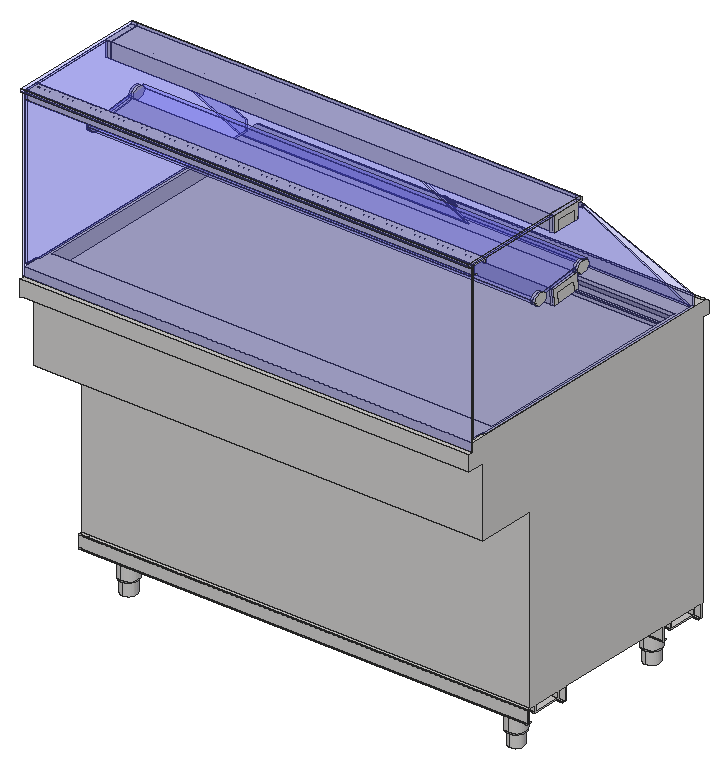
Revit family "Food-Service-Equipment_Oscartek_Gem_S3-C1300", category Specialty Equipment, Revit 2026
Family settings
  Round Connector Dimension = Use Diameter
  Part Type = Normal
  Classification Number = 23.40.40.11.17
  Work Plane-Based = No
  Enable Cutting in Views = No
  Always vertical = Yes
  Cut with Voids When Loaded = No
  Maintain Annotation Orientation = No
  Shared = No
  Room Calculation Point = No
Parameters
  Width = 51 1/4"  # constant formula
  Weight in Pounds = 200
  Watts = Volts * FL Amps  # 1440 W
  Waste Water Discharge Temperature [instance] = -459.67 °F
  Volts = 120 V
  URL Cutsheet = "www.oscartek.com"
  URL = "www.oscartek.com"
  Type Mark [instance] = ""
  Type Comments = "As Specified"
  Test Data = "http://www.oscartek.com/company/clients.php"
  Status [instance] = ""
  Specification by User [instance] = ""
  Specification by Manufacturer = ""
  Specification = "https://www.arcat.com/arcatcos/cos48/arc48760.html"
  Show Clearance [instance] = yes
  Serial Number = ""
  Seismic Rating = ""
  Sales Information = "http://www.oscartek.com/company/contact.php"
  SMACNA No = ""
  Revision Code [instance] = ""
  Revision = "R1_2018-10"
  Refrigerant Type [instance] = "R404A"
  Product Data = "http://www.oscartek.com/support/manuals/"
  Plumbing Remarks [instance] = ""
  Plumbing Connection Type [instance] = ""
  Phase = 1
  Omniclass Number and Title = ""
  Number of Poles [instance] = 1
  NAFEM Spec ID Number = ""
  Model = "GEM S3 C1300"
  Min Ckt Ampacity = 0 A
  Max Overcurrent Protection = 0 A
  Masterspec = ""
  Manufacturer Website = "http://www.oscartek.com/index.php"
  Manufacturer Phone - Toll Free = "855-885-2400"
  Manufacturer Phone = "650-342-2400"
  Manufacturer Fax = "650-342-7400"
  Manufacturer Address = "361 Beach Rd., Burlingame, CA 94010"
  Manufacturer = "OSCARTEK"
  Light Length = Width - 2"  # 49 1/4"
  Item Number [instance] = ""
  Installed By [instance] = ""
  Installation-Fabrication = "http://www.oscartek.com/support/manuals/"
  Indirect Waste Size = 1"
  Indirect Waste Flow [instance] = 0 GPM
  Indirect Waste Connection Type [instance] = ""
  Indirect Waste Connection Height = 0"
  Identify Quantity as Lot [instance] = yes
  HP = ""
  Green Building-LEED = "https://www.arcat.com/green/green_building.shtml"
  Furnished By [instance] = ""
  Foodservice Equipment Identifier [instance] = yes
  FL Amps = 12 A
  Electrical Remarks [instance] = ""
  Electric Connection Type [instance] = ""
  Elec Conn RI Height [instance] = 0"
  Elec Conn Connection Height [instance] = 0"
  Drawn By = "Sumex Design, Inc. / Robert S. Weygant, CSI, CDT, SCIP"
  Description = "GEM S3 CHOCOLATE SHOWCASE"
  Default Elevation = 0"
  Cycle = 60 Hz
  Copyright = "©Arcat Inc."
  Construction Details = "http://www.oscartek.com/support/manuals/"
  Conn Plug = ""
  Conn Conduit = yes
  Category = ""
  CSI MasterFormat = "11 41 13"
  CSI Master Format = "Refrigerated Food Storage Cases"
  Building Codes = "https://www.arcat.com/arcatcos/cos48/arc48760.html"
  Apparent Power = if(Phase = 3, Volts * FL Amps * 1.73, Volts * FL Amps)  # 1440 VA
Reference planes (in)
  plane 1 "BACK": y = 0
  plane 2: z = 0
  plane 3 "LEFT": x = 0
  plane 4 "RIGHT": x = 51.25
  plane 5 "FRONT": y = -34.25
  plane 6 "TOP": z = 55.11615
  plane 7 "Center Y": x = 25.625
  plane 8 "Center X": y = -17.125
Forms (in)
  Extrusion 1, solid, material "QF_Finishes_Stainless Steel"
    sketch origin (0, -34.25, 0) x (0, -1, 0) y (0, 0, -1)
      loop
        line (-34.25, -35.07867) -> (-34.25, -36.22827)
        arc (-34.25, -36.22827) -> (-34.12546, -36.52893) -> (-33.8248, -36.65347) r 0.4252
        line (-33.8248, -36.65347) -> (-30.11654, -36.65347) -> (-30.11654, -36.27119) -> (-31.4941, -34.89363) -> (-31.4941, -27.60554) -> (-30.11654, -27.62525) -> (-30.11654, -34.38787) -> (-29.6155, -34.88891) -> (-5.14997, -34.88891) -> (-5.14997, -35.23261) -> (-3.97447, -35.23261) -> (-3.97447, -36.65347) -> (-0.62822, -36.65347) -> (-0.62822, -35.63992) -> (0, -35.63992) -> (0, -33.87788) -> (-1.9666, -33.87788) -> (-1.9666, -25.9842) -> (-8.77761, -25.9842) -> (-8.77761, -5.9055) -> (-8.45084, -5.9055)
        arc (-8.45084, -5.9055) -> (-8.40351, -5.8859) -> (-8.38391, -5.83857) r 0.06693
        line (-8.38391, -5.83857) -> (-8.38391, -4.44094)
        arc (-8.38391, -4.44094) -> (-8.40351, -4.39361) -> (-8.45084, -4.37401) r 0.06693
        line (-8.45084, -4.37401) -> (-8.80517, -4.37401) -> (-8.80517, -4.43306) -> (-8.44297, -4.43306) -> (-8.44297, -5.84644) -> (-9.46265, -5.84644) -> (-9.46265, -5.16928)
        arc (-9.46265, -5.16928) -> (-9.48225, -5.12196) -> (-9.52958, -5.10235) r 0.06693
        line (-9.52958, -5.10235) -> (-12.75004, -5.10235)
        arc (-12.75004, -5.10235) -> (-12.79737, -5.12196) -> (-12.81697, -5.16928) r 0.06693
        line (-12.81697, -5.16928) -> (-12.81697, -5.84644) -> (-13.83666, -5.84644) -> (-13.83666, -4.43306) -> (-13.47445, -4.43306) -> (-13.47445, -4.37401) -> (-13.82878, -4.37401)
        arc (-13.82878, -4.37401) -> (-13.87611, -4.39361) -> (-13.89571, -4.44094) r 0.06693
        line (-13.89571, -4.44094) -> (-13.89571, -5.9055) -> (-27.75395, -5.9055) -> (-27.75395, -4.44094)
        arc (-27.75395, -4.44094) -> (-27.77355, -4.39361) -> (-27.82088, -4.37401) r 0.06693
        line (-27.82088, -4.37401) -> (-28.17521, -4.37401) -> (-28.17521, -4.43306) -> (-27.81301, -4.43306) -> (-27.81301, -5.84644) -> (-28.83269, -5.84644) -> (-28.83269, -5.16928)
        arc (-28.83269, -5.16928) -> (-28.85229, -5.12196) -> (-28.89962, -5.10235) r 0.06693
        line (-28.89962, -5.10235) -> (-32.12008, -5.10235)
        arc (-32.12008, -5.10235) -> (-32.16741, -5.12196) -> (-32.18701, -5.16928) r 0.06693
        line (-32.18701, -5.16928) -> (-32.18701, -5.84644) -> (-33.2067, -5.84644) -> (-33.2067, -4.43306) -> (-32.84449, -4.43306) -> (-32.84449, -4.37401) -> (-33.26575, -4.37401) -> (-33.26575, -5.9055) -> (-33.38386, -5.9055) -> (-33.38386, -25.9842) -> (-33.4626, -25.9842) -> (-33.4626, -35.07867) -> (-34.25, -35.07867)
      loop
        line (-30.02982, -35.3543) -> (-29.95954, -35.28403) -> (-30.70374, -34.53983) -> (-30.70374, -32.90598) -> (-30.76997, -32.90598) -> (-30.76997, -34.61415) -> (-30.02982, -35.3543)
      loop
        line (-9.52958, -5.16928) -> (-12.75649, -5.16928) -> (-12.75649, -5.9055) -> (-9.52958, -5.9055) -> (-9.52958, -5.16928)
      loop
        line (-28.89962, -5.16928) -> (-32.13207, -5.16928) -> (-32.13207, -5.9055) -> (-28.89962, -5.9055) -> (-28.89962, -5.16928)
    from 0 to 51.25
  Extrusion 2, solid, material "QF_Finishes_Stainless Steel"
    sketch origin (0, -34.25, 0) x (0, -1, 0) y (0, 0, -1)
      loop
        line (-34.25, -35.07867) -> (-34.25, -36.22827)
        arc (-34.25, -36.22827) -> (-34.12546, -36.52893) -> (-33.8248, -36.65347) r 0.4252
        line (-33.8248, -36.65347) -> (-0.62822, -36.65347) -> (-0.62822, -35.63992) -> (0, -35.63992) -> (0, -33.87788) -> (-1.9666, -33.87788) -> (-1.9666, -25.9842) -> (-33.4626, -25.9842) -> (-33.4626, -35.07867) -> (-34.25, -35.07867)
      loop
        line (-14.13014, -52.97245) -> (-15.43488, -52.97245) -> (-15.43488, -53.33662) -> (-15.51362, -53.33662) -> (-15.51362, -54.62161) -> (-16.09968, -54.62161) -> (-16.09968, -55.03502) -> (-15.98252, -55.03502) -> (-15.98252, -54.72245) -> (-12.27709, -54.72245) -> (-12.27709, -52.97245) -> (-14.13014, -52.97245)
      loop
        line (-15.58432, -45.80025) -> (-15.40139, -47.54067) -> (-12.17303, -47.20135) -> (-12.35596, -45.46094) -> (-15.58432, -45.80025)
      loop
        spline (-9.50933, -47.00051) -> (-9.55186, -46.8513) -> (-9.64458, -46.71785) -> (-9.78117, -46.60924) -> (-9.95232, -46.53288) -> (-10.14637, -46.49397) -> (-10.3501, -46.49516) -> (-10.54961, -46.53637) -> (-10.73132, -46.6148) -> (-10.88284, -46.7251) -> (-10.99385, -46.85975) -> (-11.05678, -47.00957) -> (-11.06734, -47.16436)
        spline (-11.06734, -47.16436) -> (-11.02481, -47.31357) -> (-10.93209, -47.44702) -> (-10.7955, -47.55563) -> (-10.62435, -47.63199) -> (-10.4303, -47.67091) -> (-10.22657, -47.66971) -> (-10.02706, -47.6285) -> (-9.84535, -47.55007) -> (-9.69382, -47.43977) -> (-9.58282, -47.30513) -> (-9.51989, -47.1553) -> (-9.50933, -47.00051)
      loop
        spline (-15.57825, -47.63838) -> (-15.62078, -47.48917) -> (-15.7135, -47.35572) -> (-15.85009, -47.24711) -> (-16.02124, -47.17075) -> (-16.21529, -47.13183) -> (-16.41902, -47.13303) -> (-16.61853, -47.17424) -> (-16.80024, -47.25267) -> (-16.95177, -47.36297) -> (-17.06277, -47.49761) -> (-17.1257, -47.64744) -> (-17.13626, -47.80223)
        spline (-17.13626, -47.80223) -> (-17.09373, -47.95144) -> (-17.00101, -48.08489) -> (-16.86442, -48.1935) -> (-16.69327, -48.26986) -> (-16.49922, -48.30877) -> (-16.29549, -48.30758) -> (-16.09598, -48.26637) -> (-15.91427, -48.18794) -> (-15.76274, -48.07764) -> (-15.65174, -47.94299) -> (-15.58881, -47.79317) -> (-15.57825, -47.63838)
    from 0 to 0.5
  Extrusion 3, solid, material "QF_Finishes_Stainless Steel"
    sketch origin (51.25, 0, 0) x (0, -1, 0) y (0, 0, -1)
      loop
        line (0, -35.07867) -> (0, -36.22827)
        arc (0, -36.22827) -> (0.12454, -36.52893) -> (0.4252, -36.65347) r 0.4252
        line (0.4252, -36.65347) -> (33.62178, -36.65347) -> (33.62178, -35.59702) -> (34.25, -35.59702) -> (34.25, -33.87788) -> (32.2834, -33.87788) -> (32.2834, -25.9842) -> (0.7874, -25.9842) -> (0.7874, -35.07867) -> (0, -35.07867)
      loop
        line (21.97291, -52.97245) -> (20.11986, -52.97245) -> (18.73638, -52.97245) -> (18.73638, -54.62161) -> (18.15032, -54.62161) -> (18.15032, -55.03502) -> (18.26748, -55.03502) -> (18.26748, -54.72245) -> (21.97291, -54.72245) -> (21.97291, -52.97245)
      loop
        spline (23.18266, -47.16436) -> (23.22519, -47.31357) -> (23.31791, -47.44702) -> (23.4545, -47.55563) -> (23.62565, -47.63199) -> (23.8197, -47.67091) -> (24.02343, -47.66971) -> (24.22294, -47.6285) -> (24.40465, -47.55007) -> (24.55618, -47.43977) -> (24.66718, -47.30513) -> (24.73011, -47.1553) -> (24.74067, -47.00051)
        spline (24.74067, -47.00051) -> (24.69814, -46.8513) -> (24.60542, -46.71785) -> (24.46883, -46.60924) -> (24.29768, -46.53288) -> (24.10363, -46.49397) -> (23.8999, -46.49516) -> (23.70039, -46.53637) -> (23.51868, -46.6148) -> (23.36716, -46.7251) -> (23.25615, -46.85975) -> (23.19322, -47.00957) -> (23.18266, -47.16436)
      loop
        spline (17.11374, -47.80223) -> (17.15627, -47.95144) -> (17.24899, -48.08489) -> (17.38558, -48.1935) -> (17.55673, -48.26986) -> (17.75078, -48.30877) -> (17.95451, -48.30758) -> (18.15402, -48.26637) -> (18.33573, -48.18794) -> (18.48726, -48.07764) -> (18.59826, -47.94299) -> (18.66119, -47.79317) -> (18.67175, -47.63838)
        spline (18.67175, -47.63838) -> (18.62922, -47.48917) -> (18.5365, -47.35572) -> (18.39991, -47.24711) -> (18.22876, -47.17075) -> (18.03471, -47.13183) -> (17.83098, -47.13303) -> (17.63147, -47.17424) -> (17.44976, -47.25267) -> (17.29823, -47.36297) -> (17.18723, -47.49761) -> (17.1243, -47.64744) -> (17.11374, -47.80223)
      loop
        line (18.84861, -47.54067) -> (22.07697, -47.20135) -> (21.89404, -45.46094) -> (18.66568, -45.80025) -> (18.84861, -47.54067)
    from 0 to -0.5
  Revolve 4, solid, material "QF_Finishes_Stainless Steel"
    sketch origin (3.5, -34.25, 0) x (0, -1, 0) y (0, 0, -1)
      loop
        line (-11.13981, 0) -> (-11.13981, -5.10235) -> (-10.03745, -5.10235) -> (-10.03745, -1.62983)
        arc (-10.03745, -1.62983) -> (-10.08124, -1.5241) -> (-10.18697, -1.48031) r 0.14952
        line (-10.18697, -1.48031) -> (-10.27367, -1.48031) -> (-10.27367, 0) -> (-11.13981, 0)
      axis (-11.13981, -5.10235) -> (-11.13981, 0)
    angle from 0 to 360
  Revolve 5, solid, material "QF_Finishes_Stainless Steel"
    sketch origin (3.5, -14.87996, 0) x (0, -1, 0) y (0, 0, -1)
      loop
        line (-11.13981, 0) -> (-11.13981, -5.10235) -> (-10.03745, -5.10235) -> (-10.03745, -1.62983)
        arc (-10.03745, -1.62983) -> (-10.08124, -1.5241) -> (-10.18697, -1.48031) r 0.14952
        line (-10.18697, -1.48031) -> (-10.27367, -1.48031) -> (-10.27367, 0) -> (-11.13981, 0)
      axis (-11.13981, -5.10235) -> (-11.13981, 0)
    angle from 0 to 360
  Revolve 6, solid, material "QF_Finishes_Stainless Steel"
    sketch origin (47.75, -34.25, 0) x (0, -1, 0) y (0, 0, 1)
      loop
        line (-11.13981, 0) -> (-10.27367, 0) -> (-10.27367, 1.48031) -> (-10.18697, 1.48031)
        arc (-10.18697, 1.48031) -> (-10.08124, 1.5241) -> (-10.03745, 1.62983) r 0.14952
        line (-10.03745, 1.62983) -> (-10.03745, 5.10235) -> (-11.13981, 5.10235) -> (-11.13981, 0)
      axis (-11.13981, 5.10235) -> (-11.13981, 0)
    angle from 0 to 360
  Revolve 7, solid, material "QF_Finishes_Stainless Steel"
    sketch origin (47.75, -14.87996, 0) x (0, -1, 0) y (0, 0, 1)
      loop
        line (-11.13981, 0) -> (-10.27367, 0) -> (-10.27367, 1.48031) -> (-10.18697, 1.48031)
        arc (-10.18697, 1.48031) -> (-10.08124, 1.5241) -> (-10.03745, 1.62983) r 0.14952
        line (-10.03745, 1.62983) -> (-10.03745, 5.10235) -> (-11.13981, 5.10235) -> (-11.13981, 0)
      axis (-11.13981, 5.10235) -> (-11.13981, 0)
    angle from 0 to 360
  Extrusion 8, solid, material "Glass"
    sketch origin (0, -34.25, 0) x (0, -1, 0) y (0, 0, -1)
      loop
        line (-0.03767, -54.72245) -> (-15.98252, -54.72245) -> (-15.98252, -55.11615) -> (-0.03767, -55.11615) -> (-0.03767, -54.72245)
      loop
        line (-0.62822, -35.6661) -> (-0.62822, -54.5256) -> (-0.392, -54.5256) -> (-0.392, -35.6661) -> (-0.62822, -35.6661)
    from 0 to 51.25
  Extrusion 9, solid, material "Glass"
    sketch origin (0, -34.25, 0) x (0, -1, 0) y (0, 0, -1)
      loop
        arc (-0.75014, -36.92906) -> (-0.7732, -36.87338) -> (-0.82888, -36.85032) r 0.07874
        line (-0.82888, -36.85032) -> (-1.63877, -36.85032)
        arc (-1.63877, -36.85032) -> (-2.14064, -36.80062) -> (-2.62302, -36.65347) r 2.55905
        line (-2.62302, -36.65347) -> (-32.24631, -36.65347) -> (-32.24631, -37.83457) -> (-16.00137, -54.62161) -> (-15.51362, -54.62161) -> (-15.51362, -53.33662) -> (-15.43488, -53.33662) -> (-15.43488, -52.97245) -> (-14.13014, -52.97245) -> (-12.27709, -52.97245) -> (-12.27709, -54.72245) -> (-0.75014, -54.72245) -> (-0.75014, -36.92906)
      loop
        spline (-9.50933, -47.00051) -> (-9.55186, -46.8513) -> (-9.64458, -46.71785) -> (-9.78117, -46.60924) -> (-9.95232, -46.53288) -> (-10.14637, -46.49397) -> (-10.3501, -46.49516) -> (-10.54961, -46.53637) -> (-10.73132, -46.6148) -> (-10.88284, -46.7251) -> (-10.99385, -46.85975) -> (-11.05678, -47.00957) -> (-11.06734, -47.16436)
        spline (-11.06734, -47.16436) -> (-11.02481, -47.31357) -> (-10.93209, -47.44702) -> (-10.7955, -47.55563) -> (-10.62435, -47.63199) -> (-10.4303, -47.67091) -> (-10.22657, -47.66971) -> (-10.02706, -47.6285) -> (-9.84535, -47.55007) -> (-9.69382, -47.43977) -> (-9.58282, -47.30513) -> (-9.51989, -47.1553) -> (-9.50933, -47.00051)
      loop
        spline (-15.57825, -47.63838) -> (-15.62078, -47.48917) -> (-15.7135, -47.35572) -> (-15.85009, -47.24711) -> (-16.02124, -47.17075) -> (-16.21529, -47.13183) -> (-16.41902, -47.13303) -> (-16.61853, -47.17424) -> (-16.80024, -47.25267) -> (-16.95177, -47.36297) -> (-17.06277, -47.49761) -> (-17.1257, -47.64744) -> (-17.13626, -47.80223)
        spline (-17.13626, -47.80223) -> (-17.09373, -47.95144) -> (-17.00101, -48.08489) -> (-16.86442, -48.1935) -> (-16.69327, -48.26986) -> (-16.49922, -48.30877) -> (-16.29549, -48.30758) -> (-16.09598, -48.26637) -> (-15.91427, -48.18794) -> (-15.76274, -48.07764) -> (-15.65174, -47.94299) -> (-15.58881, -47.79317) -> (-15.57825, -47.63838)
      loop
        line (-15.58432, -45.80025) -> (-15.40139, -47.54067) -> (-12.17303, -47.20135) -> (-12.35596, -45.46094) -> (-15.58432, -45.80025)
    from 0 to 0.25
  Extrusion 10, solid, material "Glass"
    sketch origin (51.25, 0, 0) x (0, -1, 0) y (0, 0, -1)
      loop
        arc (33.49986, -36.92906) -> (33.4768, -36.87338) -> (33.42112, -36.85032) r 0.07874
        line (33.42112, -36.85032) -> (32.61123, -36.85032)
        arc (32.61123, -36.85032) -> (32.10936, -36.80062) -> (31.62698, -36.65347) r 2.55905
        line (31.62698, -36.65347) -> (2.00369, -36.65347) -> (2.00369, -37.83457) -> (18.24863, -54.62161) -> (18.73638, -54.62161) -> (18.73638, -52.97245) -> (20.11986, -52.97245) -> (21.97291, -52.97245) -> (21.97291, -54.72245) -> (33.49986, -54.72245) -> (33.49986, -36.92906)
      loop
        spline (18.67175, -47.63838) -> (18.62922, -47.48917) -> (18.5365, -47.35572) -> (18.39991, -47.24711) -> (18.22876, -47.17075) -> (18.03471, -47.13183) -> (17.83098, -47.13303) -> (17.63147, -47.17424) -> (17.44976, -47.25267) -> (17.29823, -47.36297) -> (17.18723, -47.49761) -> (17.1243, -47.64744) -> (17.11374, -47.80223)
        spline (17.11374, -47.80223) -> (17.15627, -47.95144) -> (17.24899, -48.08489) -> (17.38558, -48.1935) -> (17.55673, -48.26986) -> (17.75078, -48.30877) -> (17.95451, -48.30758) -> (18.15402, -48.26637) -> (18.33573, -48.18794) -> (18.48726, -48.07764) -> (18.59826, -47.94299) -> (18.66119, -47.79317) -> (18.67175, -47.63838)
      loop
        spline (24.74067, -47.00051) -> (24.69814, -46.8513) -> (24.60542, -46.71785) -> (24.46883, -46.60924) -> (24.29768, -46.53288) -> (24.10363, -46.49397) -> (23.8999, -46.49516) -> (23.70039, -46.53637) -> (23.51868, -46.6148) -> (23.36716, -46.7251) -> (23.25615, -46.85975) -> (23.19322, -47.00957) -> (23.18266, -47.16436)
        spline (23.18266, -47.16436) -> (23.22519, -47.31357) -> (23.31791, -47.44702) -> (23.4545, -47.55563) -> (23.62565, -47.63199) -> (23.8197, -47.67091) -> (24.02343, -47.66971) -> (24.22294, -47.6285) -> (24.40465, -47.55007) -> (24.55618, -47.43977) -> (24.66718, -47.30513) -> (24.73011, -47.1553) -> (24.74067, -47.00051)
      loop
        line (18.66568, -45.80025) -> (18.84861, -47.54067) -> (22.07697, -47.20135) -> (21.89404, -45.46094) -> (18.66568, -45.80025)
    from 0 to -0.25
  Extrusion 11, solid, material "QF_Finishes_Stainless Steel"
    sketch origin (0, -34.25, 0) x (0, -1, 0) y (0, 0, -1)
      loop
        line (-12.27709, -54.72245) -> (-12.27709, -52.97245) -> (-12.70421, -52.97245) -> (-12.70421, -54.15508) -> (-15.08273, -54.15508) -> (-15.08273, -52.97245) -> (-15.43488, -52.97245) -> (-15.43488, -53.33662) -> (-15.51362, -53.33662) -> (-15.51362, -54.62161) -> (-16.09968, -54.62161) -> (-16.09968, -55.03502) -> (-15.98252, -55.03502) -> (-15.98252, -54.72245) -> (-12.27709, -54.72245)
      loop
        line (-0.78163, -54.69096) -> (-2.41163, -54.69096) -> (-2.41037, -54.56497) -> (-2.37612, -54.56497) -> (-2.37612, -54.28937)
        arc (-2.37612, -54.28937) -> (-2.40958, -54.25591) -> (-2.44305, -54.28937) r 0.03346
        line (-2.44305, -54.28937) -> (-2.44305, -54.68306)
        arc (-2.44305, -54.68306) -> (-2.43152, -54.7109) -> (-2.40368, -54.72243) r 0.03937
        line (-2.40368, -54.72243) -> (-0.78955, -54.72242)
        arc (-0.78955, -54.72242) -> (-0.76175, -54.7109) -> (-0.75023, -54.6831) r 0.03932
        line (-0.75023, -54.6831) -> (-0.75023, -53.65897)
        arc (-0.75023, -53.65897) -> (-0.7617, -53.63128) -> (-0.7894, -53.6198) r 0.03917
        line (-0.7894, -53.6198) -> (-1.18322, -53.6198)
        arc (-1.18322, -53.6198) -> (-1.21682, -53.6534) -> (-1.18322, -53.687) r 0.0336
        line (-1.18322, -53.687) -> (-0.90762, -53.687) -> (-0.90762, -53.65157) -> (-0.78163, -53.65157) -> (-0.78163, -54.69096)
      loop
        line (-15.40139, -47.54067) -> (-12.17303, -47.20135) -> (-12.35596, -45.46094) -> (-12.73216, -45.50048) -> (-12.60951, -46.66747) -> (-15.02765, -46.92163) -> (-15.1503, -45.75464) -> (-15.58432, -45.80025) -> (-15.40139, -47.54067)
    from 0 to 51.25
  Extrusion 12, solid, material "QF_Finishes_Stainless Steel"
    sketch origin (0, -3.2874, 25.9842) x (1, 0, 0) y (0, -1, 0)
      loop
        circle (3.94724, 1.49443) r 0.64961
    from 0 to 1
  Extrusion 13, solid, material "QF_Finishes_Door Clearance", visible <- "Show Clearance", detail levels coarse
    sketch origin (0, -34.25, 0) x (0, -1, 0) y (0, 0, -1)
      loop
        arc (-0.392, -54.5256) -> (12.94368, -49.00178) -> (18.4675, -35.6661) r 18.8595
        line (18.4675, -35.6661) -> (-0.392, -35.6661) -> (-0.392, -54.5256)
    from 0 to 51.25
  Extrusion 14, solid, material "QF_Finishes_Stainless Steel"
    sketch origin (-5.85646, -17.87368, 54.1007) x (0, 0.668585, -0.743636) y (-1, 0, 0)
      loop
        arc (18.55249, -31.23146) -> (18.30249, -31.48146) -> (18.55249, -31.73146) r 0.25
        line (18.55249, -31.73146) -> (20.30249, -31.73146)
        arc (20.30249, -31.73146) -> (20.55249, -31.48146) -> (20.30249, -31.23146) r 0.25
        line (20.30249, -31.23146) -> (18.55249, -31.23146)
      loop
        arc (20.30249, -31.60646) -> (20.42749, -31.48146) -> (20.30249, -31.35646) r 0.125
        line (20.30249, -31.35646) -> (18.55249, -31.35646)
        arc (18.55249, -31.35646) -> (18.42749, -31.48146) -> (18.55249, -31.60646) r 0.125
        line (18.55249, -31.60646) -> (20.30249, -31.60646)
    from 0 to 0.0625
  Extrusion 15, solid, material "Glass"
    sketch origin (0, -34.25, 0) x (0, -1, 0) y (0, 0, -1)
      loop
        line (-17.30317, -48.13642) -> (-9.27654, -47.29279) -> (-9.31769, -46.90124) -> (-17.34433, -47.74488) -> (-17.30317, -48.13642)
    from 0.25 to 51
  Extrusion 16, solid, material "QF_Finishes_Stainless Steel"
    sketch origin (0, -0.86614, 6.1555) x (0, 0, 1) y (1, 0, 0)
      loop
        line (18.79407, 44.10524) -> (17.29407, 44.10524) -> (17.29407, 37.60524) -> (18.79407, 37.60524) -> (18.79407, 44.10524)
    from 0 to 1
  Extrusion 17, solid, material "QF_Finishes_Black"
    sketch origin (0, -0.86614, 6.1555) x (0, 0, 1) y (1, 0, 0)
      loop
        line (11.19901, 46.56988) -> (0.44901, 46.56988) -> (0.44901, 44.56988) -> (11.19901, 44.56988) -> (11.19901, 46.56988)
      loop
        line (11.19901, 44.06988) -> (0.44901, 44.06988) -> (0.44901, 42.06988) -> (11.19901, 42.06988) -> (11.19901, 44.06988)
      loop
        line (11.19901, 41.56988) -> (0.44901, 41.56988) -> (0.44901, 39.56988) -> (11.19901, 39.56988) -> (11.19901, 41.56988)
      loop
        line (0.44901, 39.06988) -> (0.44901, 37.06988) -> (9.19901, 37.06988) -> (11.19901, 39.06988) -> (0.44901, 39.06988)
      loop
        line (0.44901, 36.56988) -> (0.44901, 34.56988) -> (6.69901, 34.56988) -> (8.69901, 36.56988) -> (0.44901, 36.56988)
    from 0 to 0.0625
  Extrusion 18, solid, material "Glass"
    sketch origin (0, 0, 0) x (0, -1, 0) y (0, 0, 1)
      loop
        line (2.97549, 36.65347) -> (18.29008, 53.33431) -> (18.17408, 53.44082) -> (2.85949, 36.75997) -> (2.97549, 36.65347)
    from -0.25 to -26.27734
  Extrusion 19, solid, material "Glass"
    sketch origin (51.25, -34.25, 0) x (0, -1, 0) y (0, 0, 1)
      loop
        line (-31.85093, 36.65347) -> (-16.25921, 53.99541) -> (-16.37632, 54.1007) -> (-31.96803, 36.75876) -> (-31.85093, 36.65347)
    from 0.25 to 26.15625
  Extrusion 20, solid, material "QF_Finishes_Stainless Steel"
    sketch origin (51.25, -34.25, 0) x (0, -1, 0) y (0, 0, 1)
      loop
        line (-16.37632, 54.1007) -> (-16.25921, 53.99541) -> (-16.65149, 53.5591) -> (-16.61101, 53.51862) -> (-16.15991, 54.00996) -> (-15.51362, 54.00996) -> (-15.51362, 54.42901) -> (-16.12414, 54.42901) -> (-16.82645, 53.72671) -> (-16.76648, 53.66674) -> (-16.37632, 54.1007)
    from 0.25 to 26.15625
  Extrusion 21, solid, material "QF_Finishes_Stainless Steel"
    sketch origin (0, 0, 0) x (0, -1, 0) y (0, 0, 1)
      loop
        line (18.73638, 53.33662) -> (18.73638, 53.75759) -> (18.35203, 53.75759) -> (17.72776, 53.06325) -> (17.77973, 53.01129) -> (18.17408, 53.44082) -> (18.29008, 53.33431) -> (17.88305, 52.89097) -> (17.93526, 52.84403) -> (18.42785, 53.33662) -> (18.73638, 53.33662)
    from -0.25 to -26.27734
Cuts and joins
  joined: Extrusion 1, Extrusion 2, Extrusion 3
Lines and regions (in)
  Split face 1
    outline origin (0, 0.13386, 6.1555) x (0, 0, 1) y (1, 0, 0)
      loop
        line (18.5658, 43.80584) -> (17.5658, 43.80584) -> (17.5658, 38.05584) -> (18.5658, 38.05584) -> (18.5658, 43.80584)
  symbolic lines
    curve 1: line (0, -34.25, 0) -> (51.25, -34.25, 0)
    curve 2: line (0, 0, 0) -> (0, -34.25, 0)
    curve 3: line (51.25, 0, 0) -> (0, 0, 0)
    curve 4: line (51.25, -34.25, 0) -> (51.25, 0, 0)
    curve 5: line (0, -18.26748, 0) -> (51.25, -18.26748, 0)
    curve 6: line (0, -18.15032, 0) -> (51.25, -18.15032, 0)
    curve 7: line (0, -2.00369, 0) -> (0.25, -2.00369, 0)
    curve 8: line (0.25, -2.00369, 0) -> (0.25, -18.15032, 0)
    curve 9: line (51, -18.15032, 0) -> (51, -2.00369, 0)
    curve 10: line (51, -2.00369, 0) -> (51.25, -2.00369, 0)
    curve 11: line (25.09375, -17.72776, 0) -> (51, -17.72776, 0)
    curve 12: line (0.25, -17.42355, 0) -> (25.09375, -17.42355, 0)
    curve 16: line (25.875, -4.25327, 0) -> (25.875, -5.42329, 0)
    curve 17: spline (25.875, -5.42329, 0) -> (25.86648, -5.46655, 0) -> (25.84151, -5.50686, 0) -> (25.80178, -5.54148, 0) -> (25.75, -5.56804, 0) -> (25.6897, -5.58474, 0) -> (25.625, -5.59044, 0) -> (25.5603, -5.58474, 0) -> (25.5, -5.56804, 0) -> (25.44822, -5.54148, 0) -> (25.40849, -5.50686, 0) -> (25.38352, -5.46655, 0) -> (25.375, -5.42329, 0)
    curve 18: line (25.375, -5.42329, 0) -> (25.375, -4.25327, 0)
    curve 19: spline (25.375, -4.25327, 0) -> (25.38352, -4.21001, 0) -> (25.40849, -4.16969, 0) -> (25.44822, -4.13508, 0) -> (25.5, -4.10852, 0) -> (25.5603, -4.09182, 0) -> (25.625, -4.08612, 0) -> (25.6897, -4.09182, 0) -> (25.75, -4.10852, 0) -> (25.80178, -4.13508, 0) -> (25.84151, -4.16969, 0) -> (25.86648, -4.21001, 0) -> (25.875, -4.25327, 0)
    curve 20: line (25.75, -5.42329, 0) -> (25.75, -4.25327, 0)
    curve 21: spline (25.75, -4.25327, 0) -> (25.74574, -4.23164, 0) -> (25.73325, -4.21148, 0) -> (25.71339, -4.19417, 0) -> (25.6875, -4.18089, 0) -> (25.65735, -4.17254, 0) -> (25.625, -4.16969, 0) -> (25.59265, -4.17254, 0) -> (25.5625, -4.18089, 0) -> (25.53661, -4.19417, 0) -> (25.51675, -4.21148, 0) -> (25.50426, -4.23164, 0) -> (25.5, -4.25327, 0)
    curve 22: line (25.5, -4.25327, 0) -> (25.5, -5.42329, 0)
    curve 23: spline (25.5, -5.42329, 0) -> (25.50426, -5.44492, 0) -> (25.51675, -5.46508, 0) -> (25.53661, -5.48239, 0) -> (25.5625, -5.49567, 0) -> (25.59265, -5.50402, 0) -> (25.625, -5.50686, 0) -> (25.65735, -5.50402, 0) -> (25.6875, -5.49567, 0) -> (25.71339, -5.48239, 0) -> (25.73325, -5.46508, 0) -> (25.74574, -5.44492, 0) -> (25.75, -5.42329, 0)
    curve 36: line (51, -2.28197, 0) -> (25.09375, -2.28197, 0)
    curve 37: line (25.09375, -2.28197, 0) -> (25.09375, -18.15032, 0)
    curve 38: line (25.09375, -2.85949, 0) -> (0.25, -2.85949, 0)
  symbolic lines, style "QF-Door Swings"
    curve 13: line (51.25, -52.7175, 0) -> (0, -52.7175, 0)
    curve 14: line (0, -52.7175, 0) -> (0, -34.25, 0)
    curve 15: line (51.25, -34.25, 0) -> (51.25, -52.7175, 0)
  symbolic lines, style "QF-Surface Details"
    curve 24: line (12.26374, -24.24812, 0) -> (9.08176, -27.4301, 0)
    curve 25: line (12.59421, -22.80744, 0) -> (7.64446, -27.75719, 0)
    curve 26: line (11.00153, -22.98591, 0) -> (7.64277, -26.34467, 0)
    curve 27: line (12.26374, -9.24812, 0) -> (9.08176, -12.4301, 0)
    curve 28: line (12.59421, -7.80744, 0) -> (7.64446, -12.75719, 0)
    curve 29: line (11.00153, -7.98591, 0) -> (7.64277, -11.34467, 0)
    curve 30: line (38.26374, -24.24812, 0) -> (35.08176, -27.4301, 0)
    curve 31: line (38.59421, -22.80744, 0) -> (33.64446, -27.75719, 0)
    curve 32: line (37.00153, -22.98591, 0) -> (33.64277, -26.34467, 0)
    curve 33: line (38.26374, -9.24812, 0) -> (35.08176, -12.4301, 0)
    curve 34: line (38.59421, -7.80744, 0) -> (33.64446, -12.75719, 0)
    curve 35: line (37.00153, -7.98591, 0) -> (33.64277, -11.34467, 0)
Dimensions and locks (in)
  equal spacing: plane 3 "LEFT", plane 7 "Center Y", plane 4 "RIGHT"
  "Width": plane 3 "LEFT" to plane 4 "RIGHT"
  equal spacing: plane 5 "FRONT", plane 8 "Center X", plane 1 "BACK"
  plane 5 "FRONT" to plane 1 "BACK" = 34 1/4"
  plane 6 "TOP" to level = 55.11615"
  locked: Revolve 6 to plane 4 "RIGHT" at 3.5
  locked: Revolve 7 to plane 4 "RIGHT" at 3.5
  locked: plane 4 "RIGHT" to Extrusion 15 at 0.25
  aligned and locked: level to plane 2
  aligned and locked: plane 7 "Center Y" to nested 1
  aligned and locked: Extrusion 8 to plane 4 "RIGHT"
  aligned and locked: Extrusion 11 to plane 4 "RIGHT"
  aligned and locked: Extrusion 1 to plane 4 "RIGHT"
  aligned and locked: Extrusion 13 to plane 4 "RIGHT"
Automatic sketch dimensions
  curve 1 to plane 3 "LEFT" = 0"
  curve 21 to plane 7 "Center Y" = 0"
  curve 17 to plane 7 "Center Y" = 0"
  curve 5 to plane 4 "RIGHT" = 0"
  plane 5 "FRONT" to curve 14 = 0"
  plane 1 "BACK" to curve 2 = 0"
  plane 3 "LEFT" to curve 8 = 1/4"
  plane 3 "LEFT" to curve 29 = 7.64277"
  plane 3 "LEFT" to curve 26 = 7.64277"
  curve 29 to curve 28 = 0.00169"
  curve 26 to curve 25 = 0.00169"
  curve 28 to curve 27 = 1.4373"
  curve 25 to curve 24 = 1.4373"
  curve 29 to curve 29 = 3.35876"
  curve 26 to curve 26 = 3.35876"
  curve 29 to curve 27 = 1.26221"
  curve 26 to curve 24 = 1.26221"
  curve 25 to plane 8 "Center X" = 5.68244"
  curve 24 to curve 25 = 0.33047"
  curve 27 to curve 28 = 0.33047"
  curve 37 to plane 7 "Center Y" = 17/32"
  curve 18 to plane 7 "Center Y" = 1/4"
  curve 21 to plane 7 "Center Y" = 1/8"
  plane 7 "Center Y" to curve 35 = 8.01777"
  plane 7 "Center Y" to curve 32 = 8.01777"
  curve 35 to curve 34 = 0.00169"
  curve 32 to curve 31 = 0.00169"
  curve 31 to curve 30 = 1.4373"
  plane 8 "Center X" to curve 33 = 4.6949"
  curve 34 to curve 33 = 1.4373"
  curve 32 to curve 32 = 3.35876"
  curve 35 to curve 35 = 3.35876"
  curve 32 to curve 30 = 1.26221"
  curve 35 to curve 33 = 1.26221"
  curve 33 to curve 34 = 0.33047"
  curve 31 to plane 8 "Center X" = 5.68244"
  curve 30 to curve 31 = 0.33047"
  curve 9 to plane 4 "RIGHT" = 1/4"
  curve 13 to curve 1 = 18.4675"
  curve 25 to plane 5 "FRONT" = 6.49281"
  curve 31 to plane 5 "FRONT" = 6.49281"
  curve 25 to curve 24 = 0.32709"
  curve 31 to curve 30 = 0.32709"
  curve 25 to curve 26 = 1.41252"
  curve 31 to curve 32 = 1.41252"
  curve 30 to curve 31 = 1.44068"
  curve 24 to curve 25 = 1.44068"
  curve 26 to curve 25 = 0.17847"
  curve 32 to curve 31 = 0.17847"
  curve 5 to plane 8 "Center X" = 1.14248"
  curve 5 to curve 6 = 0.11716"
  curve 37 to curve 11 = 0.42255"
  curve 12 to plane 8 "Center X" = 0.29855"
  curve 34 to curve 33 = 0.32709"
  plane 8 "Center X" to curve 28 = 4.36781"
  curve 28 to curve 27 = 0.32709"
  curve 34 to curve 35 = 1.41252"
  curve 28 to curve 29 = 1.41252"
  curve 27 to curve 27 = 3.18198"
  curve 33 to curve 33 = 3.18198"
  curve 33 to curve 35 = 1.26221"
  curve 27 to curve 29 = 1.26221"
  curve 27 to curve 28 = 1.44068"
  curve 33 to curve 34 = 1.44068"
  plane 1 "BACK" to curve 20 = 5.42329"
  curve 18 to curve 23 = 0"
  curve 22 to curve 22 = 1.17002"
  curve 20 to curve 19 = 0"
  curve 19 to curve 38 = 1.39378"
  plane 1 "BACK" to curve 36 = 2.28197"
  curve 36 to curve 10 = 0.27828"
  curve 38 to curve 7 = 0.8558"
  Extrusion 1 sketch curve to plane 1 "BACK" = 0"
  Extrusion 1 sketch curve to plane 5 "FRONT" = 0"
  plane 1 "BACK" to Extrusion 1 sketch curve = 0.4252"
  plane 1 "BACK" to Extrusion 1 sketch curve = 0.7874"
  Extrusion 1 sketch curve to Extrusion 1 sketch curve = 0.07874"
  Extrusion 1 sketch curve to Extrusion 1 sketch curve = 0.11811"
  Extrusion 1 sketch curve to Extrusion 1 sketch curve = 0.05906"  (x9)
  Extrusion 1 sketch curve to Extrusion 1 sketch curve = 0.3622"
  Extrusion 1 sketch curve to Extrusion 1 sketch curve = 1.01968"  (x2)
  Extrusion 1 sketch curve to Extrusion 1 sketch curve = 0.05494"
  Extrusion 1 sketch curve to Extrusion 1 sketch curve = 0.01199"
  Extrusion 1 sketch curve to Extrusion 1 sketch curve = 1.88976"
  Extrusion 1 sketch curve to Extrusion 1 sketch curve = 1.9685"
  Extrusion 1 sketch curve to Extrusion 1 sketch curve = 0.72413"
  Extrusion 1 sketch curve to Extrusion 1 sketch curve = 0.06623"
  Extrusion 1 sketch curve to Extrusion 1 sketch curve = 1.37756"
  Extrusion 1 sketch curve to Extrusion 1 sketch curve = 0.65343"
  Extrusion 1 sketch curve to Extrusion 1 sketch curve = 0.08673"
  Extrusion 1 sketch curve to Extrusion 1 sketch curve = 0.07027"  (x2)
  Extrusion 1 sketch curve to Extrusion 1 sketch curve = 0.34404"
  Extrusion 1 sketch curve to Extrusion 1 sketch curve = 3.23245"
  Extrusion 1 sketch curve to Extrusion 1 sketch curve = 0"  (x7)
  Extrusion 1 sketch curve to Extrusion 1 sketch curve = 0.06693"  (x2)
  Extrusion 1 sketch curve to Extrusion 1 sketch curve = 0.72441"  (x2)
  Extrusion 1 sketch curve to Extrusion 1 sketch curve = 0.35433"  (x3)
  Extrusion 1 sketch curve to Extrusion 1 sketch curve = 0.05905"  (x3)
  Extrusion 1 sketch curve to plane 8 "Center X" = 3.22929"
  Extrusion 1 sketch curve to Extrusion 1 sketch curve = 0.00787"  (x2)
  Extrusion 1 sketch curve to Extrusion 1 sketch curve = 0.65748"
  Extrusion 1 sketch curve to Extrusion 1 sketch curve = 0.06048"
  Extrusion 1 sketch curve to Extrusion 1 sketch curve = 0.00644"
  Extrusion 1 sketch curve to Extrusion 1 sketch curve = 3.22691"
  Extrusion 1 sketch curve to Extrusion 1 sketch curve = 0.68504"
  Extrusion 1 sketch curve to Extrusion 1 sketch curve = 0.32677"
  Extrusion 1 sketch curve to plane 5 "FRONT" = 5.14997"
  Extrusion 1 sketch curve to Extrusion 1 sketch curve = 1.1755"
  Extrusion 1 sketch curve to plane 5 "FRONT" = 1.9666"
  Extrusion 1 sketch curve to plane 5 "FRONT" = 0.62822"
  Extrusion 1 sketch curve to plane 6 "TOP" = 18.46268"  (x2)
  Extrusion 1 sketch curve to Extrusion 1 sketch curve = 0.38228"
  Extrusion 1 sketch curve to Extrusion 1 sketch curve = 1.01355"
  Extrusion 1 sketch curve to Extrusion 1 sketch curve = 0.91689"
  Extrusion 1 sketch curve to Extrusion 1 sketch curve = 1.42086"
  Extrusion 1 sketch curve to Extrusion 1 sketch curve = 1.1496"
  Extrusion 1 sketch curve to Extrusion 1 sketch curve = 0.27948"
  Extrusion 1 sketch curve to Extrusion 1 sketch curve = 0.3437"
  Extrusion 1 sketch curve to Extrusion 1 sketch curve = 0.15196"
  Extrusion 1 sketch curve to Extrusion 1 sketch curve = 1.76204"
  Extrusion 1 sketch curve to Extrusion 1 sketch curve = 1.48189"
  Extrusion 1 sketch curve to Extrusion 1 sketch curve = 5.28073"
  Extrusion 1 sketch curve to Extrusion 1 sketch curve = 0.01972"
  Extrusion 1 sketch curve to Extrusion 1 sketch curve = 7.89368"
  Extrusion 1 sketch curve to Extrusion 1 sketch curve = 1.62134"
  level to Extrusion 1 sketch curve = 5.9055"  (x2)
  Extrusion 1 sketch curve to Extrusion 1 sketch curve = 0.67716"  (x2)
  Extrusion 1 sketch curve to Extrusion 1 sketch curve = 0.72835"  (x3)
  Extrusion 1 sketch curve to Extrusion 1 sketch curve = 0.73622"
  Extrusion 2 sketch curve to plane 1 "BACK" = 0"
  Extrusion 2 sketch curve to plane 5 "FRONT" = 0"
  plane 1 "BACK" to Extrusion 2 sketch curve = 0.4252"
  plane 1 "BACK" to Extrusion 2 sketch curve = 0.7874"
  Extrusion 2 sketch curve to plane 8 "Center X" = 0.76774"
  Extrusion 2 sketch curve to plane 6 "TOP" = 0.08113"
  Extrusion 2 sketch curve to plane 8 "Center X" = 1.02532"
  Extrusion 2 sketch curve to Extrusion 2 sketch curve = 0.11716"
  Extrusion 2 sketch curve to plane 8 "Center X" = 1.54068"
  Extrusion 2 sketch curve to Extrusion 2 sketch curve = 0.779"  (x2)
  Extrusion 2 sketch curve to Extrusion 2 sketch curve = 0.58606"
  Extrusion 2 sketch curve to Extrusion 2 sketch curve = 0.07874"
  Extrusion 2 sketch curve to Extrusion 2 sketch curve = 0.17686"
  Extrusion 2 sketch curve to Extrusion 2 sketch curve = 1.30474"
  Extrusion 2 sketch curve to Extrusion 2 sketch curve = 3.22836"
  Extrusion 2 sketch curve to Extrusion 2 sketch curve = 1.85306"
  Extrusion 2 sketch curve to Extrusion 2 sketch curve = 1.8847"
  Extrusion 2 sketch curve to plane 5 "FRONT" = 1.9666"
  Extrusion 2 sketch curve to plane 5 "FRONT" = 0.62822"
  Extrusion 2 sketch curve to plane 6 "TOP" = 0.3937"
  Extrusion 2 sketch curve to Extrusion 2 sketch curve = 0.10084"
  Extrusion 2 sketch curve to Extrusion 2 sketch curve = 1.28499"
  Extrusion 2 sketch curve to Extrusion 2 sketch curve = 0.36416"
  Extrusion 2 sketch curve to Extrusion 2 sketch curve = 5.25215"
  Extrusion 2 sketch curve to Extrusion 2 sketch curve = 0.09771"
  Extrusion 2 sketch curve to Extrusion 2 sketch curve = 0.33931"
  Extrusion 2 sketch curve to Extrusion 2 sketch curve = 0.11892"
  Extrusion 2 sketch curve to plane 6 "TOP" = 18.46268"
  Extrusion 2 sketch curve to Extrusion 2 sketch curve = 1.01355"
  Extrusion 2 sketch curve to Extrusion 2 sketch curve = 1.1496"
  Extrusion 2 sketch curve to Extrusion 2 sketch curve = 1.76204"
  Extrusion 2 sketch curve to Extrusion 2 sketch curve = 7.89368"
  Extrusion 3 sketch curve to plane 1 "BACK" = 0"
  Extrusion 3 sketch curve to plane 5 "FRONT" = 0"
  Extrusion 3 sketch curve to plane 1 "BACK" = 0.4252"
  Extrusion 3 sketch curve to plane 1 "BACK" = 0.7874"
  Extrusion 3 sketch curve to plane 8 "Center X" = 0.01126"
  plane 8 "Center X" to Extrusion 3 sketch curve = 0.76774"
  plane 6 "TOP" to Extrusion 3 sketch curve = 0.08113"
  plane 8 "Center X" to Extrusion 3 sketch curve = 1.02532"
  Extrusion 3 sketch curve to Extrusion 3 sketch curve = 0.11716"
  plane 8 "Center X" to Extrusion 3 sketch curve = 1.54068"
  plane 8 "Center X" to Extrusion 3 sketch curve = 1.61138"
  Extrusion 3 sketch curve to Extrusion 3 sketch curve = 0.17686"
  Extrusion 3 sketch curve to Extrusion 3 sketch curve = 1.38348"
  Extrusion 3 sketch curve to Extrusion 3 sketch curve = 3.22836"
  Extrusion 3 sketch curve to Extrusion 3 sketch curve = 1.85306"
  Extrusion 3 sketch curve to Extrusion 3 sketch curve = 1.1057"
  Extrusion 3 sketch curve to Extrusion 3 sketch curve = 0.779"
  plane 5 "FRONT" to Extrusion 3 sketch curve = 1.9666"
  plane 5 "FRONT" to Extrusion 3 sketch curve = 0.62822"
  Extrusion 3 sketch curve to Extrusion 3 sketch curve = 0.31257"
  Extrusion 3 sketch curve to Extrusion 3 sketch curve = 0.10084"
  Extrusion 3 sketch curve to Extrusion 3 sketch curve = 1 3/4"
  Extrusion 3 sketch curve to Extrusion 3 sketch curve = 5.17022"
  Extrusion 3 sketch curve to Extrusion 3 sketch curve = 0.09771"
  Extrusion 3 sketch curve to Extrusion 3 sketch curve = 0.33931"
  Extrusion 3 sketch curve to Extrusion 3 sketch curve = 0.03699"
  plane 6 "TOP" to Extrusion 3 sketch curve = 18.46268"
  Extrusion 3 sketch curve to Extrusion 3 sketch curve = 1.05645"
  Extrusion 3 sketch curve to Extrusion 3 sketch curve = 1.1496"
  Extrusion 3 sketch curve to Extrusion 3 sketch curve = 1.71914"
  Extrusion 3 sketch curve to Extrusion 3 sketch curve = 9.09447"
  Revolve 4 sketch curve to level = 0"  (x2)
  Revolve 4 sketch curve to plane 8 "Center X" = 5.98519"
  Revolve 4 sketch curve to Revolve 4 sketch curve = 0"
  Revolve 4 sketch curve to Revolve 4 sketch curve = 0.86614"
  Revolve 4 sketch curve to Revolve 4 sketch curve = 0.0867"
  Revolve 4 sketch curve to Revolve 4 sketch curve = 0.14952"
  level to Revolve 4 sketch curve = 1.48031"
  Revolve 4 sketch curve to Revolve 4 sketch curve = 3.47252"
  Revolve 4 sketch curve to Revolve 4 sketch curve = 1"
  Revolve 5 sketch curve to level = 0"  (x2)
  plane 1 "BACK" to Revolve 5 sketch curve = 3.74015"
  Revolve 5 sketch curve to Revolve 5 sketch curve = 0"
  Revolve 5 sketch curve to Revolve 5 sketch curve = 0.86614"
  Revolve 5 sketch curve to Revolve 5 sketch curve = 0.0867"
  Revolve 5 sketch curve to Revolve 5 sketch curve = 0.14952"
  level to Revolve 5 sketch curve = 1.48031"
  Revolve 5 sketch curve to Revolve 5 sketch curve = 3.47252"
  Revolve 5 sketch curve to Revolve 5 sketch curve = 1"
  Revolve 6 sketch curve to level = 0"  (x2)
  Revolve 6 sketch curve to plane 8 "Center X" = 5.98519"
  Revolve 6 sketch curve to Revolve 6 sketch curve = 0"
  Revolve 6 sketch curve to Revolve 6 sketch curve = 0.86614"
  Revolve 6 sketch curve to Revolve 6 sketch curve = 0.0867"
  Revolve 6 sketch curve to Revolve 6 sketch curve = 0.14952"
  Revolve 6 sketch curve to Revolve 6 sketch curve = 1"
  level to Revolve 6 sketch curve = 1.48031"
  Revolve 6 sketch curve to Revolve 6 sketch curve = 3.47252"
  Revolve 7 sketch curve to level = 0"  (x2)
  plane 1 "BACK" to Revolve 7 sketch curve = 3.74015"
  Revolve 7 sketch curve to Revolve 7 sketch curve = 0"
  Revolve 7 sketch curve to Revolve 7 sketch curve = 0.86614"
  Revolve 7 sketch curve to Revolve 7 sketch curve = 0.0867"
  Revolve 7 sketch curve to Revolve 7 sketch curve = 0.14952"
  Revolve 7 sketch curve to Revolve 7 sketch curve = 1"
  level to Revolve 7 sketch curve = 1.48031"
  Revolve 7 sketch curve to Revolve 7 sketch curve = 3.47252"
  Extrusion 8 sketch curve to plane 6 "TOP" = 0"
  Extrusion 8 sketch curve to plane 6 "TOP" = 0.3937"
  Extrusion 8 sketch curve to plane 8 "Center X" = 1.14248"
  Extrusion 8 sketch curve to plane 5 "FRONT" = 0.62822"
  Extrusion 8 sketch curve to Extrusion 8 sketch curve = 0.23622"
  Extrusion 8 sketch curve to plane 5 "FRONT" = 0.03767"
  Extrusion 8 sketch curve to plane 6 "TOP" = 0.59055"
  Extrusion 8 sketch curve to Extrusion 8 sketch curve = 18.8595"
  plane 1 "BACK" to Extrusion 9 sketch curve = 2.00369"
  plane 8 "Center X" to Extrusion 9 sketch curve = 0.01126"
  Extrusion 9 sketch curve to plane 8 "Center X" = 0.76774"
  Extrusion 9 sketch curve to plane 6 "TOP" = 0.49454"
  Extrusion 9 sketch curve to plane 8 "Center X" = 1.12363"
  Extrusion 9 sketch curve to plane 8 "Center X" = 1.54068"
  Extrusion 9 sketch curve to Extrusion 9 sketch curve = 0.48775"
  Extrusion 9 sketch curve to Extrusion 9 sketch curve = 0.07874"  (x2)
  Extrusion 9 sketch curve to Extrusion 9 sketch curve = 0.17686"
  Extrusion 9 sketch curve to Extrusion 9 sketch curve = 1.30474"
  Extrusion 9 sketch curve to Extrusion 9 sketch curve = 3.22836"
  Extrusion 9 sketch curve to Extrusion 9 sketch curve = 1.85306"
  Extrusion 9 sketch curve to Extrusion 9 sketch curve = 1.1057"
  Extrusion 9 sketch curve to Extrusion 9 sketch curve = 0.779"
  Extrusion 9 sketch curve to plane 5 "FRONT" = 2.62302"
  Extrusion 9 sketch curve to plane 5 "FRONT" = 1.63877"
  Extrusion 9 sketch curve to Extrusion 9 sketch curve = 0.80989"
  Extrusion 9 sketch curve to plane 6 "TOP" = 0.3937"
  Extrusion 9 sketch curve to Extrusion 9 sketch curve = 1.28499"
  Extrusion 9 sketch curve to Extrusion 9 sketch curve = 0.36416"
  Extrusion 9 sketch curve to Extrusion 9 sketch curve = 5.17022"
  Extrusion 9 sketch curve to Extrusion 9 sketch curve = 0.09771"
  Extrusion 9 sketch curve to Extrusion 9 sketch curve = 0.33931"
  Extrusion 9 sketch curve to Extrusion 9 sketch curve = 0.03699"
  Extrusion 9 sketch curve to plane 6 "TOP" = 17.28158"
  Extrusion 9 sketch curve to Extrusion 9 sketch curve = 10.07145"
  Extrusion 9 sketch curve to Extrusion 9 sketch curve = 0.19685"
  Extrusion 9 sketch curve to Extrusion 9 sketch curve = 1.1811"
  Extrusion 10 sketch curve to plane 1 "BACK" = 2.00369"
  Extrusion 10 sketch curve to plane 8 "Center X" = 0.01126"
  plane 8 "Center X" to Extrusion 10 sketch curve = 0.76774"
  plane 6 "TOP" to Extrusion 10 sketch curve = 0.49454"
  plane 8 "Center X" to Extrusion 10 sketch curve = 1.12363"
  plane 8 "Center X" to Extrusion 10 sketch curve = 1.54068"
  Extrusion 10 sketch curve to Extrusion 10 sketch curve = 0.48775"
  Extrusion 10 sketch curve to Extrusion 10 sketch curve = 0.17686"
  Extrusion 10 sketch curve to Extrusion 10 sketch curve = 1.38348"
  Extrusion 10 sketch curve to Extrusion 10 sketch curve = 3.22836"
  Extrusion 10 sketch curve to Extrusion 10 sketch curve = 1.85306"
  Extrusion 10 sketch curve to Extrusion 10 sketch curve = 1.1057"
  Extrusion 10 sketch curve to Extrusion 10 sketch curve = 0.779"
  plane 5 "FRONT" to Extrusion 10 sketch curve = 2.62302"
  Extrusion 10 sketch curve to Extrusion 10 sketch curve = 0.98425"
  Extrusion 10 sketch curve to Extrusion 10 sketch curve = 0.80989"
  Extrusion 10 sketch curve to Extrusion 10 sketch curve = 0.07874"
  plane 6 "TOP" to Extrusion 10 sketch curve = 2.1437"
  Extrusion 10 sketch curve to Extrusion 10 sketch curve = 5.17022"
  Extrusion 10 sketch curve to Extrusion 10 sketch curve = 0.09771"
  Extrusion 10 sketch curve to Extrusion 10 sketch curve = 0.33931"
  Extrusion 10 sketch curve to Extrusion 10 sketch curve = 0.03699"
  plane 6 "TOP" to Extrusion 10 sketch curve = 17.28158"
  Extrusion 10 sketch curve to Extrusion 10 sketch curve = 10.07145"
  Extrusion 10 sketch curve to Extrusion 10 sketch curve = 0.19685"
  Extrusion 10 sketch curve to Extrusion 10 sketch curve = 1.1811"
  plane 6 "TOP" to Extrusion 10 sketch curve = 0.3937"
  Extrusion 11 sketch curve to plane 6 "TOP" = 0.08113"
  Extrusion 11 sketch curve to plane 8 "Center X" = 1.02532"
  Extrusion 11 sketch curve to Extrusion 11 sketch curve = 0.11716"
  Extrusion 11 sketch curve to plane 8 "Center X" = 1.54068"
  Extrusion 11 sketch curve to Extrusion 11 sketch curve = 0.4689"
  Extrusion 11 sketch curve to Extrusion 11 sketch curve = 0.07874"
  Extrusion 11 sketch curve to plane 8 "Center X" = 1.72361"
  Extrusion 11 sketch curve to Extrusion 11 sketch curve = 0.43402"
  Extrusion 11 sketch curve to Extrusion 11 sketch curve = 0.4309"
  Extrusion 11 sketch curve to Extrusion 11 sketch curve = 0.37375"
  Extrusion 11 sketch curve to Extrusion 11 sketch curve = 2.41814"
  Extrusion 11 sketch curve to plane 6 "TOP" = 0.96107"
  Extrusion 11 sketch curve to Extrusion 11 sketch curve = 2.37851"
  Extrusion 11 sketch curve to Extrusion 11 sketch curve = 0.12266"
  Extrusion 11 sketch curve to Extrusion 11 sketch curve = 0.3762"
  Extrusion 11 sketch curve to Extrusion 11 sketch curve = 0.42713"
  Extrusion 11 sketch curve to plane 6 "TOP" = 0.43309"
  Extrusion 11 sketch curve to plane 5 "FRONT" = 2.44305"
  Extrusion 11 sketch curve to Extrusion 11 sketch curve = 0.03142"
  Extrusion 11 sketch curve to plane 6 "TOP" = 0.55118"
  Extrusion 11 sketch curve to Extrusion 11 sketch curve = 0.03268"
  Extrusion 11 sketch curve to Extrusion 11 sketch curve = 0.03346"
  Extrusion 11 sketch curve to Extrusion 11 sketch curve = 0.00795"
  Extrusion 11 sketch curve to Extrusion 11 sketch curve = 0"
  Extrusion 11 sketch curve to plane 5 "FRONT" = 1.18322"
  Extrusion 11 sketch curve to Extrusion 11 sketch curve = 0.2756"  (x2)
  Extrusion 11 sketch curve to plane 6 "TOP" = 0.39373"
  Extrusion 11 sketch curve to plane 5 "FRONT" = 0.78955"
  Extrusion 11 sketch curve to Extrusion 11 sketch curve = 0.11822"
  Extrusion 11 sketch curve to Extrusion 11 sketch curve = 0.00776"
  Extrusion 11 sketch curve to Extrusion 11 sketch curve = 0.03141"
  Extrusion 11 sketch curve to Extrusion 11 sketch curve = 0.31257"
  Extrusion 11 sketch curve to Extrusion 11 sketch curve = 0.00786"
  Extrusion 11 sketch curve to Extrusion 11 sketch curve = 0.10084"
  Extrusion 11 sketch curve to Extrusion 11 sketch curve = 255/256"
  Extrusion 11 sketch curve to Extrusion 11 sketch curve = 0.02803"
  Extrusion 11 sketch curve to Extrusion 11 sketch curve = 0.00741"
  Extrusion 11 sketch curve to Extrusion 11 sketch curve = 0.81847"
  Extrusion 11 sketch curve to Extrusion 11 sketch curve = 0.36416"
  Extrusion 11 sketch curve to Extrusion 11 sketch curve = 1.18263"
  Extrusion 11 sketch curve to Extrusion 11 sketch curve = 5.43179"
  Extrusion 11 sketch curve to Extrusion 11 sketch curve = 0.33931"
  Extrusion 12 sketch curve to Extrusion 1 = 3.94724"
  Extrusion 12 sketch curve to Extrusion 1 = 20.69056"
  Extrusion 13 sketch curve to plane 5 "FRONT" = 0.392"
  plane 5 "FRONT" to Extrusion 13 sketch curve = 18.4675"
  Extrusion 13 sketch curve to plane 6 "TOP" = 0.59055"
  Extrusion 14 sketch curve to Extrusion 14 sketch curve = 0"  (x4)
  Extrusion 14 sketch curve to plane 7 "Center Y" = 0"
  Extrusion 14 sketch curve to plane 7 "Center Y" = 1/4"
  Extrusion 14 sketch curve to Extrusion 14 sketch curve = 1 3/4"
  Extrusion 14 sketch curve to Extrusion 14 sketch curve = 1/8"
  plane 8 "Center X" to Extrusion 15 sketch curve = 0.21933"
  plane 8 "Center X" to Extrusion 15 sketch curve = 0.17817"
  Extrusion 15 sketch curve to plane 8 "Center X" = 7.80731"
  Extrusion 15 sketch curve to plane 6 "TOP" = 6.97973"
  Extrusion 15 sketch curve to Extrusion 15 sketch curve = 0.39154"
  Extrusion 16 sketch curve to plane 4 "RIGHT" = 7.14476"
  level to Extrusion 16 sketch curve = 23.44957"
  Extrusion 16 sketch curve to Extrusion 16 sketch curve = 1 1/2"
  Extrusion 16 sketch curve to Extrusion 16 sketch curve = 6 1/2"
  Split face 1 sketch curve to Extrusion 16 = 0.27173"
  Split face 1 sketch curve to Extrusion 16 = 0.22827"
  Split face 1 sketch curve to Extrusion 16 = 0.4506"
  Split face 1 sketch curve to Extrusion 16 = 0.2994"
  level to Extrusion 17 sketch curve = 6.60451"
  Extrusion 17 sketch curve to Extrusion 17 sketch curve = 0"  (x7)
  Extrusion 17 sketch curve to Extrusion 17 sketch curve = 6 1/4"
  Extrusion 17 sketch curve to Extrusion 17 sketch curve = 2"  (x7)
  Extrusion 17 sketch curve to Extrusion 17 sketch curve = 1/2"  (x5)
  plane 7 "Center Y" to Extrusion 17 sketch curve = 8.94488"
  plane 1 "BACK" to Extrusion 18 sketch curve = 2.85949"
  Extrusion 18 sketch curve to Extrusion 18 sketch curve = 0.116"
  Extrusion 18 sketch curve to plane 8 "Center X" = 1.04908"
  Extrusion 18 sketch curve to plane 6 "TOP" = 18.46268"
  Extrusion 18 sketch curve to Extrusion 18 sketch curve = 0.1065"
  plane 1 "BACK" to Extrusion 19 sketch curve = 2.28197"
  Extrusion 19 sketch curve to Extrusion 19 sketch curve = 0.11711"
  Extrusion 19 sketch curve to plane 8 "Center X" = 0.74868"
  Extrusion 19 sketch curve to plane 6 "TOP" = 18.46268"
  Extrusion 19 sketch curve to Extrusion 19 sketch curve = 0.10529"
  Extrusion 20 sketch curve to plane 8 "Center X" = 0.29855"
  Extrusion 20 sketch curve to Extrusion 20 sketch curve = 0.05997"  (x2)
  Extrusion 20 sketch curve to Extrusion 20 sketch curve = 0.11499"
  Extrusion 20 sketch curve to Extrusion 20 sketch curve = 0.04048"  (x2)
  Extrusion 20 sketch curve to Extrusion 20 sketch curve = 0.39016"
  Extrusion 20 sketch curve to Extrusion 20 sketch curve = 0.11711"
  Extrusion 20 sketch curve to Extrusion 20 sketch curve = 0.0993"
  Extrusion 20 sketch curve to Extrusion 20 sketch curve = 0.25217"
  Extrusion 20 sketch curve to Extrusion 20 sketch curve = 0.64629"
  Extrusion 20 sketch curve to plane 6 "TOP" = 1.59753"
  Extrusion 20 sketch curve to Extrusion 20 sketch curve = 0.10764"
  Extrusion 20 sketch curve to Extrusion 20 sketch curve = 0.01455"
  Extrusion 21 sketch curve to plane 8 "Center X" = 0.60276"
  Extrusion 21 sketch curve to Extrusion 21 sketch curve = 0.05196"  (x2)
  Extrusion 21 sketch curve to Extrusion 21 sketch curve = 0.10332"
  Extrusion 21 sketch curve to Extrusion 21 sketch curve = 0.05221"
  Extrusion 21 sketch curve to Extrusion 21 sketch curve = 0.39435"
  Extrusion 21 sketch curve to Extrusion 21 sketch curve = 0.116"
  Extrusion 21 sketch curve to Extrusion 21 sketch curve = 0.17795"
  Extrusion 21 sketch curve to Extrusion 21 sketch curve = 0.13777"
  Extrusion 21 sketch curve to Extrusion 21 sketch curve = 0.38435"
  Extrusion 21 sketch curve to plane 6 "TOP" = 2.27213"
  Extrusion 21 sketch curve to Extrusion 21 sketch curve = 0.04694"
  Extrusion 21 sketch curve to Extrusion 21 sketch curve = 0.12032"
  Extrusion 21 sketch curve to Extrusion 21 sketch curve = 0.0023"
  Extrusion 21 sketch curve to Extrusion 21 sketch curve = 0.31677"
  radius of Extrusion 12 sketch curve = 0.64961"
Nested families (in)
  nested 1: "GEM S3" at (25.625, -20.5, 0), type "GEM S3"
  nested 2: "GEM S3" at (25.625, -20.3125, -7.3125), type "GEM S3"
Connectors (in)
  piping at (3.94724, -4.78183, 24.9842), diameter 1
    settings: on Extrusion 12, index 3, connector inside diameter 1", connector length 0", flow factor 0, pipe flow 0 GPM, pressure drop 0.00 psi, fitting loss kfactor 0, connector angle 0.00°, fixture units 0, engagement length 0", angle of deflection 0.00°, flow configuration 1, flow direction 2, fitting loss method 0, system type 16, joint type 0, gender type 0, connector reference index -1, connector utility 0, adjustable connector no, is connector primary yes, connector description "Drain"
  electrical at (25.625, -13.42517, 5.9055), driven by "Volts", driven by "Watts"
    settings: on cut or joined group of Extrusion 1, Extrusion 2, Extrusion 3, index 4, voltage 120 V, apparent load 1440 VA, apparent load phase1 0 VA, apparent load phase2 0 VA, apparent load phase3 0 VA, power factor 1, load classification "Other", number of poles 1, system type 30, power factor state 1, is connector primary yes, connector utility no, sub classification motor no, connector description "Electrical Connection"
Definition of nested family "GEM S3"
  Parameters
    Wattage = 12.1178 W
    built-in parameter 1150110 = 1 (stored number, unit not read)
    built-in parameter 1114217 = 1 (stored number, unit not read)
    built-in parameter 1150109 = 1 (stored number, unit not read)
    built-in parameter 1150134 = (empty or 0)
    built-in parameter 1150113 = 1 (stored number, unit not read)
    Lumens = 1800 lm
    built-in parameter 1150115 = 1 (stored number, unit not read)
    built-in parameter 1150105 = 572.96 (stored number, unit not read)
    Light Source Symbol Size = 24"
    built-in parameter 1150137 = (empty or 0)
    built-in parameter 1150139 = (empty or 0)
    built-in parameter 1150112 = 1 (stored number, unit not read)
    built-in parameter 1150114 = 1 (stored number, unit not read)
    built-in parameter 1150132 = 2
    built-in parameter 1150102 = (empty or 0)
    built-in parameter 1150138 = (empty or 0)
    built-in parameter 1150107 = 3000 (stored number, unit not read)
    built-in parameter 1150106 = 5.7296 (stored number, unit not read)
    Emit from Line Length = 40"
    built-in parameter 1150104 = 13.8 (stored number, unit not read)
    Dimming Lamp Color Temperature Shift = (empty or 0)
    Default Elevation = 0"
    Color Filter = 16777215
    built-in parameter 1114218 = 1 (stored number, unit not read)
    built-in parameter 1150133 = 10 (stored number, unit not read)
    Assembly Code = ""
  Reference planes (in)
    plane 1 "Light Source Axis (F/B)": y = 0
    plane 2: z = 0
    plane 3 "Light Source Axis (L/R)": x = 0
    plane 4 "Light Source Elevation": z = 54
    plane 5: x = 20
    plane 6: x = -20
  Forms (in)
    Extrusion 1, solid
      sketch origin (0, 0, 0) x (0, 1, 0) y (0, 0, 1)
        loop
          circle (0, 53.55518) r 0.44482
      from -20 to 20
  Dimensions and locks (in)
    equal spacing: plane 6, plane 3 "Light Source Axis (L/R)", plane 5
    "Emit from Line Length": plane 6 to plane 5
    aligned and locked: plane 3 "Light Source Axis (L/R)" to imposter light
    aligned and locked: plane 1 "Light Source Axis (F/B)" to imposter light
    aligned and locked: plane 4 "Light Source Elevation" to imposter light
    aligned and locked: level to plane 2
    aligned and locked: imposter light to Extrusion 1
    aligned and locked: plane 5 to Extrusion 1
  Automatic sketch dimensions
    Extrusion 1 sketch curve to plane 1 "Light Source Axis (F/B)" = 0"
    plane 4 "Light Source Elevation" to Extrusion 1 sketch curve = 0.44482"
    radius of Extrusion 1 sketch curve = 0.44482"
